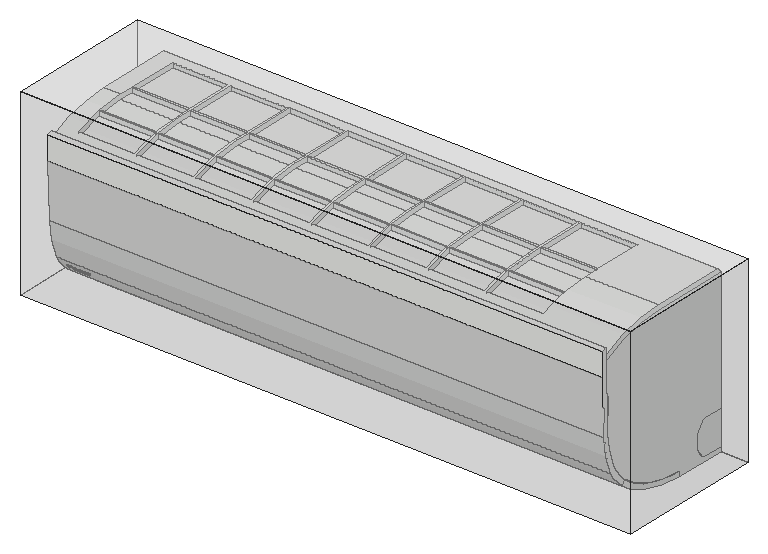
Revit family "outputfile", category 機械設備, Revit 2024 (continued)
Definition of nested family "DAIKIN_indoorunit_CTXM-RVMV"
  Automatic sketch dimensions
    Extrusion 21 sketch curve to Extrusion 21 sketch curve = 0.483 mm
    Extrusion 21 sketch curve to Extrusion 21 sketch curve = 4.137 mm
    Extrusion 21 sketch curve to Extrusion 21 sketch curve = 31.393 mm
    Extrusion 21 sketch curve to Extrusion 21 sketch curve = 9.215 mm
    Extrusion 21 sketch curve to level = 8.0 mm
    Extrusion 22 sketch curve to plane 1 "Center (Front/Back)" = 0.0 mm
    Extrusion 22 sketch curve to Extrusion 22 sketch curve = 20.0 mm  (x2)
    Extrusion 22 sketch curve to level = 287.035 mm
    Extrusion 23 sketch curve to plane 1 "Center (Front/Back)" = 0.0 mm
    Extrusion 23 sketch curve to Extrusion 23 sketch curve = 20.0 mm  (x2)
    Extrusion 23 sketch curve to level = 287.035 mm
    plane 1 "Center (Front/Back)" to Extrusion 24 sketch curve = 0.0 mm  (x2)
    plane 3 "Center (Left/Right)" to Extrusion 24 sketch curve = 469.0 mm
    Extrusion 24 sketch curve to Extrusion 24 sketch curve = 20.0 mm  (x4)
    Extrusion 24 sketch curve to plane 3 "Center (Left/Right)" = 409.0 mm
  Nested families
    nested 1: "daikin_logo_plane_w40" at (-320, -198.871, -233.244) x (1, 0, 0) z (0, -0.7841, -0.6206), visible <- "switch_unit1_25-35", type "daikin_logo_plane_w40"
      with show_logo yes
    nested 2: "daikin_logo_plane_w40" at (-430, -237.74, -233.244) x (1, 0, 0) z (0, -0.7841, -0.6206), visible <- "switch_unit1_50-71", type "daikin_logo_plane_w40"
      with show_logo yes
  Definition of nested family "daikin_logo_plane_w40"
    Parameters (values of type "daikin_logo_plane_w40")
      width = 40.0 mm
      show_logo [instance] = yes
      material = none
      height = 0.0 mm
      depth = 0.0 mm
      Default Elevation = 1219.2 mm
    Reference planes
      plane 1 "Center (Front/Back)": y = 0
      plane 2: z = 0
      plane 3 "Center (Left/Right)": x = 0
      plane 4: z = 2
      plane 5 "left": x = -19
      plane 6: x = 19
    Forms (mm)
      Extrusion 1, solid, visible <- "show_logo"
        sketch origin (-19, 0, 0) x (1, 0, 0) y (0, 1, 0)
          loop
            line (8.902, -1.878) -> (7.789, -6.332) -> (11.13, -6.332)
            arc (11.13, -6.332) -> (12.454, -6.064) -> (13.472, -5.176) r 2.642
            arc (13.472, -5.176) -> (13.92, -4.02) -> (13.767, -2.79) r 2.537
            arc (13.767, -2.79) -> (13.452, -2.342) -> (12.982, -2.06) r 1.321
            arc (12.982, -2.06) -> (12.063, -1.902) -> (11.13, -1.878) r 6.479
            line (11.13, -1.878) -> (8.902, -1.878)
          loop
            line (10.016, -5.441) -> (10.907, -5.441)
            arc (10.907, -5.441) -> (11.591, -4.983) -> (11.988, -4.261) r 1.742
            spline (11.988, -4.261) -> (12.01, -4.155) -> (12.027, -4.03) -> (12.037, -3.893) -> (12.037, -3.747) -> (12.026, -3.598) -> (12.002, -3.451) -> (11.962, -3.31) -> (11.905, -3.181) -> (11.829, -3.069) -> (11.731, -2.978) -> (11.61, -2.913) -> (11.464, -2.88)
            line (11.464, -2.88) -> (10.573, -2.88) -> (10.016, -5.441)
          loop
            line (13.58, -6.332) -> (14.805, -6.332) -> (15.223, -5.553) -> (16.977, -5.553) -> (17.144, -6.332) -> (19.149, -6.332) -> (18.258, -1.878) -> (16.03, -1.878) -> (13.58, -6.332)
          loop
            line (16.476, -3.214) -> (15.76, -4.551) -> (16.762, -4.551) -> (16.476, -3.214)
          loop
            line (19.705, -6.332) -> (21.599, -6.332) -> (22.712, -1.878) -> (20.819, -1.878) -> (19.705, -6.332)
          loop
            line (22.712, -6.332) -> (24.606, -6.332) -> (24.908, -5.122) -> (25.831, -6.332) -> (28.17, -6.332) -> (26.388, -3.994) -> (28.949, -1.878) -> (26.945, -1.878) -> (25.401, -3.153) -> (25.719, -1.878) -> (23.826, -1.878) -> (22.712, -6.332)
          loop
            line (29.84, -1.878) -> (28.615, -6.332) -> (30.62, -6.332) -> (31.734, -1.878) -> (29.84, -1.878)
          loop
            line (31.734, -6.332) -> (33.07, -6.332) -> (33.7, -3.814) -> (34.518, -6.332) -> (36.745, -6.332) -> (37.859, -1.878) -> (36.523, -1.878) -> (35.845, -4.589) -> (34.963, -1.878) -> (32.847, -1.878) -> (31.734, -6.332)
        from 0 to 2
      Extrusion 2, solid, visible <- "show_logo"
        sketch origin (-19, 0, 0) x (1, 0, 0) y (0, 1, 0)
          loop
            line (8.7, 0) -> (4.235, 0) -> (0, -3.879) -> (0, -8) -> (8.7, 0)
        from 0 to 2
      Extrusion 3, solid, visible <- "show_logo"
        sketch origin (-19, 0, 0) x (1, 0, 0) y (0, 1, 0)
          loop
            line (0, 0) -> (0, -3.879) -> (4.235, 0) -> (0, 0)
        from 0 to 2
    Dimensions and locks
      plane 4 to plane 2 = 2.0 mm
      equal spacing: plane 5 "left", plane 3 "Center (Left/Right)", plane 6
      locked: plane 5 "left" to plane 6 at 38
      aligned and locked: level to plane 2
      aligned and locked: Extrusion 3 to plane 1 "Center (Front/Back)"  (x2)
      aligned and locked: Extrusion 2 to plane 1 "Center (Front/Back)"  (x2)
      aligned and locked: plane 4 to Extrusion 1
      aligned and locked: plane 4 to Extrusion 3
      aligned and locked: plane 4 to Extrusion 2
      aligned and locked: Extrusion 3 to plane 5 "left"
      aligned and locked: Extrusion 2 to plane 5 "left"
    Automatic sketch dimensions
      Extrusion 1 sketch curve to Extrusion 1 sketch curve = 0.901 mm
      Extrusion 1 sketch curve to Extrusion 1 sketch curve = 1.559 mm
      Extrusion 1 sketch curve to Extrusion 1 sketch curve = 1.327 mm
      Extrusion 1 sketch curve to Extrusion 1 sketch curve = 2.145 mm
      Extrusion 1 sketch curve to Extrusion 1 sketch curve = 1.448 mm
      Extrusion 1 sketch curve to Extrusion 1 sketch curve = 2.116 mm
      Extrusion 1 sketch curve to Extrusion 1 sketch curve = 1.114 mm  (x4)
      Extrusion 1 sketch curve to Extrusion 1 sketch curve = 1.336 mm  (x2)
      plane 1 "Center (Front/Back)" to Extrusion 1 sketch curve = 1.878 mm  (x5)
      Extrusion 1 sketch curve to Extrusion 1 sketch curve = 1.893 mm  (x5)
      Extrusion 1 sketch curve to Extrusion 1 sketch curve = 0.891 mm  (x4)
      Extrusion 1 sketch curve to Extrusion 1 sketch curve = 2.005 mm  (x3)
      Extrusion 1 sketch curve to Extrusion 1 sketch curve = 0.445 mm  (x2)
      plane 1 "Center (Front/Back)" to Extrusion 1 sketch curve = 3.994 mm
      Extrusion 1 sketch curve to Extrusion 1 sketch curve = 0.557 mm  (x2)
      Extrusion 1 sketch curve to Extrusion 1 sketch curve = 2.339 mm  (x2)
      Extrusion 1 sketch curve to Extrusion 1 sketch curve = 1.225 mm  (x3)
      plane 1 "Center (Front/Back)" to Extrusion 1 sketch curve = 3.153 mm
      Extrusion 1 sketch curve to Extrusion 1 sketch curve = 0.987 mm
      plane 1 "Center (Front/Back)" to Extrusion 1 sketch curve = 5.122 mm
      Extrusion 1 sketch curve to Extrusion 1 sketch curve = 0.922 mm
      plane 1 "Center (Front/Back)" to Extrusion 1 sketch curve = 6.332 mm
      Extrusion 1 sketch curve to Extrusion 1 sketch curve = 2.562 mm
      plane 1 "Center (Front/Back)" to Extrusion 1 sketch curve = 5.553 mm
      Extrusion 1 sketch curve to Extrusion 1 sketch curve = 0.167 mm
      Extrusion 1 sketch curve to Extrusion 1 sketch curve = 0.215 mm
      plane 1 "Center (Front/Back)" to Extrusion 1 sketch curve = 3.214 mm
      Extrusion 1 sketch curve to Extrusion 1 sketch curve = 0.286 mm
      plane 1 "Center (Front/Back)" to Extrusion 1 sketch curve = 4.551 mm
      Extrusion 1 sketch curve to Extrusion 1 sketch curve = 1.002 mm
      Extrusion 1 sketch curve to Extrusion 1 sketch curve = 0.537 mm
      Extrusion 1 sketch curve to Extrusion 1 sketch curve = 0.418 mm
      Extrusion 1 sketch curve to Extrusion 1 sketch curve = 1.028 mm
      plane 1 "Center (Front/Back)" to Extrusion 1 sketch curve = 4.261 mm
      Extrusion 1 sketch curve to Extrusion 1 sketch curve = 0.563 mm
      plane 1 "Center (Front/Back)" to Extrusion 1 sketch curve = 2.88 mm
      Extrusion 1 sketch curve to Extrusion 1 sketch curve = 1.088 mm
      Extrusion 1 sketch curve to Extrusion 1 sketch curve = 2.152 mm
      Extrusion 1 sketch curve to Extrusion 1 sketch curve = 0.586 mm
      Extrusion 1 sketch curve to Extrusion 1 sketch curve = 0.118 mm
      Extrusion 1 sketch curve to Extrusion 1 sketch curve = 0.298 mm
      Extrusion 1 sketch curve to Extrusion 1 sketch curve = 0.334 mm
      Extrusion 1 sketch curve to Extrusion 1 sketch curve = 0.223 mm
      Extrusion 1 sketch curve to Extrusion 1 sketch curve = 0.266 mm
      Extrusion 1 sketch curve to Extrusion 1 sketch curve = 1.671 mm
      Extrusion 1 sketch curve to Extrusion 1 sketch curve = 2.227 mm
      Extrusion 1 sketch curve to Extrusion 1 sketch curve = 0.0 mm  (x7)
      Extrusion 1 sketch curve to Extrusion 1 sketch curve = 3.453 mm
      Extrusion 1 sketch curve to Extrusion 1 sketch curve = 2.017 mm
      Extrusion 1 sketch curve to Extrusion 1 sketch curve = 0.78 mm  (x2)
      Extrusion 1 sketch curve to Extrusion 1 sketch curve = 1.743 mm
      Extrusion 1 sketch curve to Extrusion 1 sketch curve = 0.775 mm
      Extrusion 1 sketch curve to Extrusion 1 sketch curve = 0.552 mm
      Extrusion 1 sketch curve to Extrusion 1 sketch curve = 0.014 mm
      Extrusion 1 sketch curve to Extrusion 1 sketch curve = 0.952 mm
      Extrusion 1 sketch curve to Extrusion 1 sketch curve = 1.215 mm
      Extrusion 1 sketch curve to Extrusion 1 sketch curve = 0.108 mm
      plane 1 "Center (Front/Back)" to Extrusion 2 sketch curve = 0.0 mm
      Extrusion 2 sketch curve to plane 3 "Center (Left/Right)" = 19.0 mm
      Extrusion 2 sketch curve to plane 3 "Center (Left/Right)" = 14.765 mm
      Extrusion 2 sketch curve to Extrusion 2 sketch curve = 4.465 mm
      plane 1 "Center (Front/Back)" to Extrusion 2 sketch curve = 3.879 mm
      Extrusion 2 sketch curve to Extrusion 2 sketch curve = 4.12 mm
      plane 1 "Center (Front/Back)" to Extrusion 3 sketch curve = 0.0 mm
      Extrusion 3 sketch curve to plane 3 "Center (Left/Right)" = 19.0 mm
      Extrusion 3 sketch curve to plane 3 "Center (Left/Right)" = 14.765 mm
      plane 1 "Center (Front/Back)" to Extrusion 3 sketch curve = 3.879 mm
      Extrusion 1 sketch curve to plane 3 "Center (Left/Right)" = 11.211 mm
      Extrusion 1 sketch curve to Extrusion 1 sketch curve = 1.782 mm
Definition of nested family "daikin_connector_rotate3"
  Parameters (values of type "daikin_connector_rotate3")
    show [instance] = yes
    radius [instance] = 10.0 mm
    length [instance] = 600.0 mm
    angle_horizontal [instance] = 60.00°
    angle_vertical [instance] = 90.00°
    Default Elevation = 1219.2 mm
  Reference planes
    plane 1 "Center (Front/Back)": y = 0
    plane 2: z = 0
    plane 3 "Center (Left/Right)": x = 0
  Dimensions and locks
    "angle_horizontal": angle plane 3 "Center (Left/Right)" to nested 1
    aligned and locked: level to plane 2
    aligned and locked: plane 1 "Center (Front/Back)" to nested 1  (x2)
    aligned and locked: plane 3 "Center (Left/Right)" to nested 1
  Nested families
    nested 1: "daikin_connector_rotate2" at (0, 0, 0) x (0.5, 0.866, 0) z (0, 0, 1), angle_vertical <- "angle_vertical", length <- "length", radius <- "radius", type "daikin_connector_rotate2"
      with radius 10.0 mm, length 600.0 mm, angle_vertical 90.00°
  Definition of nested family "daikin_connector_rotate2"
    Parameters (values of type "daikin_connector_rotate2")
      show_face = yes
      radius [instance] = 10.0 mm
      length [instance] = 600.0 mm
      d_surface = 10.0 mm
      angle_vertical [instance] = 90.00°
      Default Elevation = 0.0 mm
    Reference planes
      plane 1 "Center (Front/Back)": y = 0
      plane 2: z = 0
      plane 3 "Center (Left/Right)": x = 0
    Forms (mm)
      Extrusion 1, solid, visible <- "show_face"
        sketch origin (0, -600, 0) x (1, 0, 0) y (0, 0, 1)
          loop
            circle (0, 0) r 10
        from 0 to -10
    Lines and regions (mm)
      reference lines
        curve 1: line (0, 0, 0) -> (0, -600, 0)
      symbolic lines
        curve 2: circle (0, 0, 0) r 5 normal (0, 0, 1)
      model lines, visible <- "show_face"
        curve 3: line (0, 0, 0) -> (0, -600, 0)
    Dimensions and locks
      "length": curve 1 to curve 1
      "length": curve 3 to curve 3
      "d_surface": Extrusion 1 to Extrusion 1
      "radius": radius of Extrusion 1 sketch curve
      "angle_vertical": angle curve 1 to plane 1 "Center (Front/Back)"
      "angle_vertical": angle curve 3 to plane 1 "Center (Front/Back)"
      aligned and locked: level to plane 2
      aligned and locked: plane 1 "Center (Front/Back)" to curve 1
      aligned and locked: plane 2 to curve 1
      aligned and locked: plane 1 "Center (Front/Back)" to curve 2
      aligned and locked: plane 3 "Center (Left/Right)" to curve 2
      aligned and locked: plane 1 "Center (Front/Back)" to curve 3
      aligned and locked: plane 2 to curve 3
      aligned and locked: Extrusion 1 to Extrusion 1
    Automatic sketch dimensions
      Extrusion 1 sketch curve to level = 0.0 mm
      Extrusion 1 sketch curve to plane 3 "Center (Left/Right)" = 0.0 mm
      radius of curve 2 = 5.0 mm
